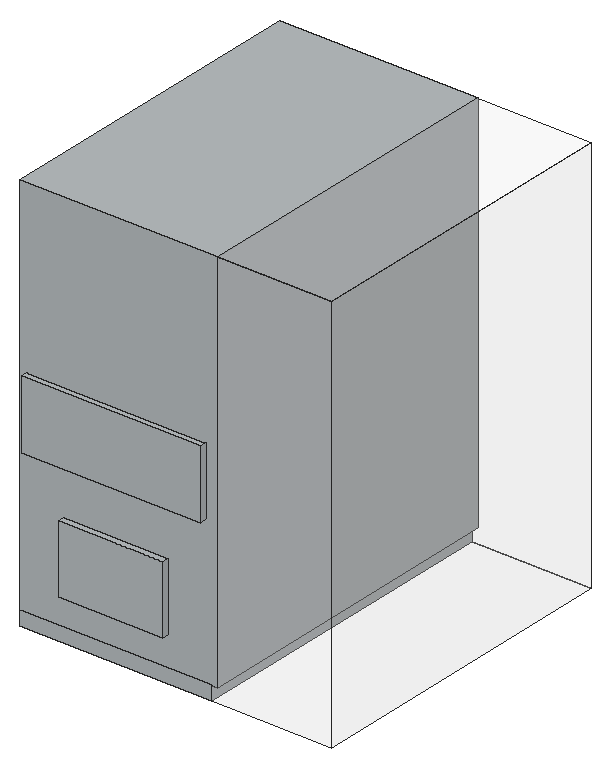
Revit family "lp-750x4-60_60Hz", category 機械設備, Revit 2019
Family settings
  丸型コネクタ寸法 = 直径を使用
  パーツ タイプ = 標準
  OmniClass 番号 = 23.75.10.34.21
  OmniClass タイトル = Heat Exchangers for Ventilation Air
  作業面ベース = いいえ
  常に垂直 = はい
  ロード時にボイドで切り取り = いいえ
  共有 = いいえ
  部屋計算ポイント = はい
Parameters (values of type "LP-750X4-60")
  騒音レベル(dB(A)) = 58.5
  風量 = 7500.0 m³/h
  面風速 = 7.75 m/s
  電源種別 [instance] = ""
  電圧 = 200 V
  電動機出力 = 3.7 W
  集中コントローラ = ""
  運転質量 = 0.00 kg
  連動 [instance] = ""
  質量 = if(製品質量 > 運転質量, 製品質量, 運転質量) * 1.2  # 1002.00 kg
  負荷分類 = 3_ファン類
  説明 = "設備用ロスナイ ビル用ロスナイパック形"
  設計風量 = 0.0 m³/h
  設置方法 = "床置形"
  記号 [instance] = ""
  製造元 = "三菱電機株式会社"
  製品質量 = 835.00 kg
  製品出荷対象 = "国内"
  製品リリース年月 = "2018/7/25"
  製品グループ = ""
  系統 [instance] = ""
  符号 = "HEU"
  積算_科目 = "1 空気調和設備"
  積算_拾い区分 [instance] = ""
  相 = 3
  盤記号 [instance] = ""
  発停方法 [instance] = ""
  特殊仕様 [instance] = ""
  火災停止 [instance] = ""
  温度交換効率 = 77.00%
  消費電力 = 7000 W
  法定耐用年数 = "15"
  機外静圧_排気 = 385.0 Pa
  機外静圧 = 385.0 Pa
  極数 = 3
  材質 [instance] = ""
  本体固定用穴ピッチ2 = 565 mm
  本体固定用穴ピッチ1 = 1930 mm
  本体固定用穴_径 = 20 mm
  本体マテリアル = 溶融亜鉛めっき鋼板
  操作・制御方式 = ""
  操作・制御スイッチ = ""
  排気量 = 0.0 m³/h
  形式 = "床置形"
  幹線記号 [instance] = ""
  対象室 [instance] = ""
  実風量 = 0.0 m³/h
  始動方式 [instance] = "直入"
  外気量 = 0.0 m³/h
  呼称 = "全熱交換ユニット"
  周波数 = 60 Hz
  参照している仕様書等のバージョン = ""
  初期抵抗 = 0.0 Pa
  分類コード = "50052504100050"
  分類グループ = ""
  価格 = 8091000
  企業コード = "108420"
  付属品_フィルター_還気 = ""
  付属品_フィルター = ""
  付属品 [instance] = ""
  仕様書バージョン = "Version1.0"
  モデル = "LP-750X4-60"
  メンテナンススペース = yes
  コメント [instance] = ""
  Keynote = ""
  エンタルピ交換効率_暖房 = 66.00%
  エンタルピ交換効率_冷房 = 60.00%
  Assembly Code = ""
  Width = 1218 mm
  W1 = 1180 mm
  Version = ""
  Uniclass2015Version = "Systems v1.9"
  Uniclass2015Title = "Thermal wheels"
  Uniclass2015Code = "Pr_60_60_36_88"
  URL = "https://www.mitsubishielectric.co.jp/ldg/wink/ssl/displayProduct.do?pid=294067"
  SpecificationReference = ""
  SpecificationDescription = ""
  SAサイズ_W = 640 mm
  SAサイズ_D = 420 mm
  Revision = ""
  RAダクト接続_通常 = yes
  RAダクト接続_変更3 = no
  RAダクト接続_変更2 = no
  RAダクト接続_変更1 = no
  RAサイズ_W = 1100 mm
  RAサイズ_D = 420 mm
  ProductInformation = ""
  OmniClassCode = "23-27 23 19 11"
  OAダクト接続_通常 = yes
  OAダクト接続_変更3 = no
  OAダクト接続_変更2 = no
  OAダクト接続_変更1 = no
  OAサイズ_W = 1100 mm
  OAサイズ_D = 420 mm
  MIN風量 = 0.0 m³/h
  MIN静圧 = 0.0 Pa
  MID風量 = 0.0 m³/h
  MID静圧 = 0.0 Pa
  MAX風量 = 7500.0 m³/h
  MAX静圧 = 385.0 Pa
  IfcTypeProduct = ""
  IfcProduct = ""
  IfcExportType = "ROTARYWHEEL"
  IfcExportAs = "IfcAirToAirHeatRecoveryType"
  Height = 2370 mm
  H1 = 90 mm
  EAサイズ_W = 640 mm
  EAサイズ_D = 420 mm
  Duct_SA_W = 273 mm
  Duct_SA_H = 274 mm
  Duct_RA_W = 43 mm
  Duct_RA_H = 296 mm
  Duct_RA_D = 49 mm
  Duct_Pitch1 = 80 mm
  Duct_OA_W = 43 mm
  Duct_OA_H = 296 mm
  Duct_OA_D = 49 mm
  Duct_Height = 41 mm
  Duct_EA_W = 273 mm
  Duct_EA_H = 274 mm
  Depth = 2000 mm
  D1 = 2000 mm
  Clearance Top = 0 mm
  Clearance Right = 700 mm
  Clearance Left = 0 mm
  Clearance Front = 0 mm
  Clearance Bottom = 0 mm
  Clearance Back = 0 mm
  Author = "三菱電機株式会社"
Reference planes
  plane 1 "中心(正面/背面)": y = 0
  plane 2: z = 0
  plane 3 "中心(左/右)": x = 0
  plane 4: x = 590
  plane 5: x = 628
  plane 6: y = 1000
  plane 7: y = 1000
  plane 8: y = -1000
  plane 9: y = -1000
  plane 10: x = -590
  plane 11: x = -590
  plane 12: y = 741
  plane 13: y = -741
  plane 14: y = -531
  plane 15: y = -951
  plane 16: y = 951
  plane 17: y = 531
  plane 18: x = -547
  plane 19: x = 553
  plane 20: z = 90
  plane 21: z = 2460
  plane 22: z = 2501
  plane 23: y = 565
  plane 24: y = -565
  plane 25: x = -965
  plane 26: x = 965
  plane 27: x = 1328
  plane 28: x = -590
  plane 29: y = 1000
  plane 30: y = -1000
  plane 31: z = 2460
  plane 32: z = 0
  plane 33: x = -317
  plane 34: x = 323
  plane 35: z = 274
  plane 36: z = 694
  plane 37: z = 990
  plane 38: z = 1410
  plane 39: x = -547
  plane 40: x = 553
  plane 41: y = -1041
  plane 42: y = 1041
  plane 43: x = -317
  plane 44: x = 323
  plane 45: z = 274
  plane 46: z = 694
  plane 47: z = 990
  plane 48: z = 1410
  plane 49: z = 1490
  plane 50: z = 1910
  plane 51: z = 1910
  plane 52: z = 1490
  plane 53: z = 1990
  plane 54: z = 1990
  plane 55: z = 2410
  plane 56: z = 2410
Forms (mm)
  Extrusion 1, solid, material "溶融亜鉛めっき鋼板" <- "本体マテリアル", detail levels fine
    sketch origin (0, 0, 0) x (1, 0, 0) y (0, 1, 0)
      loop
        line (-590, 1000) -> (-590, -1000) -> (628, -1000) -> (628, 1000) -> (-590, 1000)
    from 90 to 2460
  Extrusion 2, solid, material "溶融亜鉛めっき鋼板" <- "本体マテリアル", detail levels fine
    sketch origin (0, 0, 0) x (1, 0, 0) y (0, 1, 0)
      loop
        line (-590, 1000) -> (-590, -1000) -> (590, -1000) -> (590, 1000) -> (-590, 1000)
    from 0 to 90
  Extrusion 3, solid, material "溶融亜鉛めっき鋼板" <- "本体マテリアル", visible <- "RAダクト接続_変更1", detail levels fine
    sketch origin (0, 0, 0) x (1, 0, 0) y (0, 1, 0)
      loop
        line (-547, -951) -> (553, -951) -> (553, -531) -> (-547, -531) -> (-547, -951)
    from 2460 to 2501
  Extrusion 4, solid, material "溶融亜鉛めっき鋼板" <- "本体マテリアル", visible <- "OAダクト接続_変更1", detail levels fine
    sketch origin (0, 0, 0) x (1, 0, 0) y (0, 1, 0)
      loop
        line (-547, 951) -> (-547, 531) -> (553, 531) -> (553, 951) -> (-547, 951)
    from 2460 to 2501
  Extrusion 5, solid, material "溶融亜鉛めっき鋼板" <- "本体マテリアル", detail levels fine
    sketch origin (0, 0, 0) x (1, 0, 0) y (0, 0, 1)
      loop
        line (-317, 274) -> (323, 274) -> (323, 694) -> (-317, 694) -> (-317, 274)
    from 1000 to 1041
  Extrusion 6, solid, material "溶融亜鉛めっき鋼板" <- "本体マテリアル", detail levels fine
    sketch origin (0, 0, 0) x (1, 0, 0) y (0, 0, 1)
      loop
        line (323, 694) -> (-317, 694) -> (-317, 274) -> (323, 274) -> (323, 694)
    from -1041 to -1000
  Extrusion 7, solid, material "溶融亜鉛めっき鋼板" <- "本体マテリアル", visible <- "OAダクト接続_通常", detail levels fine
    sketch origin (0, -420, 0) x (1, 0, 0) y (0, 0, 1)
      loop
        line (-547, 990) -> (553, 990) -> (553, 1410) -> (-547, 1410) -> (-547, 990)
    from -1461 to -1420
  Extrusion 8, solid, material "溶融亜鉛めっき鋼板" <- "本体マテリアル", visible <- "RAダクト接続_通常", detail levels fine
    sketch origin (0, 240, 0) x (1, 0, 0) y (0, 0, 1)
      loop
        line (-547, 1410) -> (-547, 990) -> (553, 990) -> (553, 1410) -> (-547, 1410)
    from 1240 to 1281
  Extrusion 9, solid, material "溶融亜鉛めっき鋼板" <- "本体マテリアル", visible <- "OAダクト接続_変更3", detail levels fine
    sketch origin (0, 0, 0) x (1, 0, 0) y (0, 0, 1)
      loop
        line (553, 1490) -> (553, 1910) -> (-547, 1910) -> (-547, 1490) -> (553, 1490)
    from -1041 to -1000
  Extrusion 10, solid, material "溶融亜鉛めっき鋼板" <- "本体マテリアル", visible <- "RAダクト接続_変更3", detail levels fine
    sketch origin (0, 0, 0) x (1, 0, 0) y (0, 0, 1)
      loop
        line (553, 1490) -> (553, 1910) -> (-547, 1910) -> (-547, 1490) -> (553, 1490)
    from 1000 to 1041
  Extrusion 11, solid, material "溶融亜鉛めっき鋼板" <- "本体マテリアル", visible <- "RAダクト接続_変更2"
    sketch origin (0, 0, 0) x (1, 0, 0) y (0, 0, 1)
      loop
        line (-547, 1990) -> (553, 1990) -> (553, 2410) -> (-547, 2410) -> (-547, 1990)
    from 1000 to 1041
  Extrusion 12, solid, material "溶融亜鉛めっき鋼板" <- "本体マテリアル", visible <- "OAダクト接続_変更2"
    sketch origin (0, 0, 0) x (1, 0, 0) y (0, 0, 1)
      loop
        line (-547, 1990) -> (553, 1990) -> (553, 2410) -> (-547, 2410) -> (-547, 1990)
    from -1041 to -1000
Lines and regions (mm)
  Masking region 1, detail levels coarse+medium
    outline origin (1331.5, 88, 0) x (1, 0, 0) y (0, 1, 0)
      loop
        line (-1921.5, 912) -> (-1921.5, -1088) -> (-741.5, -1088) -> (-741.5, 912) -> (-1921.5, 912)
  symbolic lines, detail levels coarse+medium
    curve 1: line (0, 1000, 0) -> (-590, 0, 0)
    curve 2: line (-590, 0, 0) -> (0, -1000, 0)
    curve 3: line (0, -1000, 0) -> (590, 0, 0)
    curve 4: line (0, 1000, 0) -> (590, 0, 0)
Dimensions and locks
  equal spacing: plane 10, plane 3 "中心(左/右)", plane 4
  "W1": plane 10 to plane 4
  "Width": plane 11 to plane 5
  equal spacing: plane 7, plane 1 "中心(正面/背面)", plane 9
  "D1": plane 7 to plane 9
  equal spacing: plane 6, plane 1 "中心(正面/背面)", plane 8
  "Depth": plane 6 to plane 8
  equal spacing: plane 15, plane 13, plane 14
  "RAサイズ_D": plane 15 to plane 14
  equal spacing: plane 17, plane 12, plane 16
  "OAサイズ_D": plane 17 to plane 16
  "RAサイズ_W": plane 18 to plane 19
  locked: plane 11 to plane 10 at 0
  "H1": plane 20 to level
  "Height": plane 21 to plane 20
  "Duct_Height": plane 22 to plane 21
  "本体固定用穴ピッチ2": plane 1 "中心(正面/背面)" to plane 23
  "本体固定用穴ピッチ2": plane 24 to plane 1 "中心(正面/背面)"
  equal spacing: plane 25, plane 3 "中心(左/右)", plane 26
  "本体固定用穴ピッチ1": plane 25 to plane 26
  "Clearance Right": plane 5 to plane 27
  "Clearance Left": plane 28 to plane 11
  "Clearance Back": plane 29 to plane 6
  "Clearance Front": plane 8 to plane 30
  "Clearance Top": plane 31 to plane 21
  "Clearance Bottom": level to plane 32
  "Duct_RA_D": plane 8 to plane 15
  "Duct_OA_D": plane 6 to plane 16
  "Duct_SA_H": plane 35 to level
  "SAサイズ_D": plane 36 to plane 35
  "Duct_RA_H": plane 37 to plane 36
  "RAサイズ_D": plane 38 to plane 37
  "OAサイズ_W": plane 39 to plane 40
  "Duct_OA_W": plane 11 to plane 39
  "Duct_RA_W": plane 11 to plane 18
  "Duct_Height": plane 8 to plane 41
  "SAサイズ_W": plane 34 to plane 33
  "Duct_Height": plane 42 to plane 6
  "Duct_SA_W": plane 33 to plane 11
  "EAサイズ_D": plane 46 to plane 45
  "Duct_EA_H": plane 45 to level
  "Duct_EA_W": plane 43 to plane 11
  "EAサイズ_W": plane 44 to plane 43
  "OAサイズ_D": plane 48 to plane 47
  "Duct_OA_H": plane 47 to plane 46
  "Duct_Pitch1": plane 49 to plane 38
  "RAサイズ_D": plane 50 to plane 49
  "Duct_Pitch1": plane 52 to plane 48
  "OAサイズ_D": plane 51 to plane 52
  "Duct_Pitch1": plane 53 to plane 50
  "RAサイズ_D": plane 55 to plane 53
  "Duct_Pitch1": plane 54 to plane 51
  "OAサイズ_D": plane 56 to plane 54
  aligned and locked: level to plane 2
  aligned and locked: Extrusion 1 sketch curve to plane 6
  aligned and locked: plane 10 to Extrusion 1 sketch curve
  aligned and locked: Extrusion 1 sketch curve to plane 8
  aligned and locked: Extrusion 2 sketch curve to plane 7
  aligned and locked: plane 11 to Extrusion 2 sketch curve
  aligned and locked: Extrusion 2 sketch curve to plane 9
  aligned and locked: plane 15 to Extrusion 3 sketch curve
  aligned and locked: Extrusion 3 sketch curve to plane 18
  aligned and locked: plane 14 to Extrusion 3 sketch curve
  aligned and locked: Extrusion 3 sketch curve to plane 19
  aligned and locked: plane 9 to Masking region 1
  aligned and locked: Masking region 1 to plane 11
  aligned and locked: plane 7 to Masking region 1
  aligned and locked: Masking region 1 to curve 1
  aligned and locked: Masking region 1 to curve 2
  aligned and locked: plane 20 to Extrusion 2
  aligned and locked: plane 21 to Extrusion 1
  aligned and locked: Extrusion 1 to plane 20
  aligned and locked: plane 22 to Extrusion 3
  aligned and locked: Extrusion 3 to plane 21
  aligned and locked: plane 27 to nested 1
  aligned and locked: nested 1 to plane 30
  aligned and locked: nested 1 to plane 29
  aligned and locked: nested 1 to plane 31
  aligned and locked: nested 1 to plane 32
  aligned and locked: plane 9 to curve 2
  aligned and locked: plane 3 "中心(左/右)" to curve 3
  aligned and locked: plane 4 to curve 3
  aligned and locked: plane 3 "中心(左/右)" to curve 4
  aligned and locked: plane 1 "中心(正面/背面)" to curve 4
  aligned and locked: nested 2 to plane 24
  aligned and locked: plane 25 to nested 2
  aligned and locked: nested 2 to plane 26
  aligned and locked: plane 25 to nested 3
  aligned and locked: nested 3 to plane 26
  aligned and locked: plane 1 "中心(正面/背面)" to nested 3
  aligned and locked: plane 25 to nested 4
  aligned and locked: nested 4 to plane 26
  aligned and locked: nested 4 to plane 23
  aligned and locked: nested 1 to plane 28
  aligned and locked: Masking region 1 to plane 4
  aligned and locked: plane 4 to Extrusion 2 sketch curve
  aligned and locked: plane 5 to Extrusion 1 sketch curve
  aligned and locked: Extrusion 4 sketch curve to plane 16
  aligned and locked: plane 18 to Extrusion 4 sketch curve
  aligned and locked: Extrusion 4 sketch curve to plane 17
  aligned and locked: plane 22 to Extrusion 4
  aligned and locked: Extrusion 4 to plane 21
  aligned and locked: Extrusion 5 sketch curve to plane 35
  aligned and locked: Extrusion 5 sketch curve to plane 33
  aligned and locked: plane 36 to Extrusion 5 sketch curve
  aligned and locked: Extrusion 5 sketch curve to plane 34
  aligned and locked: Extrusion 5 to plane 41
  aligned and locked: Extrusion 5 to plane 8
  aligned and locked: Extrusion 6 to plane 42
  aligned and locked: Extrusion 6 to plane 6
  aligned and locked: Extrusion 7 to plane 42
  aligned and locked: Extrusion 7 to plane 6
  aligned and locked: Extrusion 8 sketch curve to plane 38
  aligned and locked: plane 18 to Extrusion 8 sketch curve
  aligned and locked: Extrusion 8 sketch curve to plane 37
  aligned and locked: plane 19 to Extrusion 8 sketch curve
  aligned and locked: Extrusion 8 to plane 41
  aligned and locked: Extrusion 8 to plane 8
  aligned and locked: plane 46 to Extrusion 6 sketch curve
  aligned and locked: plane 44 to Extrusion 6 sketch curve
  aligned and locked: Extrusion 6 sketch curve to plane 45
  aligned and locked: Extrusion 6 sketch curve to plane 43
  aligned and locked: Extrusion 7 sketch curve to plane 47
  aligned and locked: Extrusion 7 sketch curve to plane 18
  aligned and locked: plane 48 to Extrusion 7 sketch curve
  aligned and locked: plane 40 to Extrusion 4 sketch curve
  aligned and locked: Extrusion 7 sketch curve to plane 40
  aligned and locked: plane 52 to Extrusion 9 sketch curve
  aligned and locked: plane 40 to Extrusion 9 sketch curve
  aligned and locked: Extrusion 9 sketch curve to plane 51
  aligned and locked: Extrusion 9 to plane 42
  aligned and locked: Extrusion 9 to plane 6
  aligned and locked: Extrusion 10 sketch curve to plane 49
  aligned and locked: plane 19 to Extrusion 10 sketch curve
  aligned and locked: Extrusion 10 sketch curve to plane 50
  aligned and locked: plane 18 to Extrusion 10 sketch curve
  aligned and locked: plane 39 to Extrusion 9 sketch curve
  aligned and locked: Extrusion 10 to plane 41
  aligned and locked: Extrusion 10 to plane 8
  aligned and locked: Extrusion 11 sketch curve to plane 18
  aligned and locked: Extrusion 11 sketch curve to plane 19
  aligned and locked: Extrusion 11 sketch curve to plane 53
  aligned and locked: plane 55 to Extrusion 11 sketch curve
  aligned and locked: Extrusion 12 sketch curve to plane 54
  aligned and locked: Extrusion 12 sketch curve to plane 39
  aligned and locked: plane 56 to Extrusion 12 sketch curve
  aligned and locked: Extrusion 12 sketch curve to plane 40
  aligned and locked: Extrusion 12 to plane 42
  aligned and locked: Extrusion 12 to plane 6
  aligned and locked: Extrusion 11 to plane 41
  aligned and locked: Extrusion 11 to plane 8
Automatic sketch dimensions
  plane 1 "中心(正面/背面)" to curve 1 = 0 mm
  curve 1 to plane 10 = 0 mm
  curve 4 to plane 7 = 0 mm
  plane 9 to Masking region 1 sketch curve = 0 mm
  Masking region 1 sketch curve to plane 10 = 0 mm
  Masking region 1 sketch curve to plane 4 = 0 mm
  Masking region 1 sketch curve to plane 7 = 0 mm
Nested families
  nested 1: "メンテナンススペース" at (369, 0, 1230), visible <- "メンテナンススペース", type "メンテナンススペース"
    with Width 1918 mm, Height 2460 mm, Depth 2000 mm
  nested 2: "固定点" at (-965, -565, 0), type "固定点"
    with W 1930 mm, D 1000 mm
  nested 3: "固定点" at (-965, 0, 0), type "固定点"
    with W 1930 mm, D 1000 mm
  nested 4: "固定点" at (-965, 565, 0), type "固定点"
    with W 1930 mm, D 1000 mm
Connectors
  electrical at (628, 0, 1275), driven by "極数", driven by "負荷分類", driven by "電圧", driven by "消費電力"
    settings: on Extrusion 1, index 5, voltage 200 V, apparent load 7000 VA, apparent load phase1 0 VA, apparent load phase2 0 VA, apparent load phase3 0 VA, power factor 1, load classification "3_ファン類", number of poles 3, system type 30, power factor state 1, is connector primary yes, connector utility no, sub classification motor no, connector description ""
  hvac at (3, -1041, 484), driven by "SAサイズ_D", driven by "SAサイズ_W", driven by "機外静圧", driven by "風量"
    settings: on Extrusion 5, index 6, duct flow 7500.0 m³/h, flow factor 0, pres drop 385.0 Pa, loss coef 0, conn angle 0.00°, conn width 640 mm, conn height 420 mm, conn diameter 609.6 mm, duct sys type 1, conn prof type 1, flow config 0, flow direction 2, loss method 4, conn ref index -1, conn util no, is conn primary yes, conn desc ""
  hvac at (3, -1041, 1200), driven by "RAサイズ_D", driven by "RAサイズ_W", driven by "機外静圧", driven by "風量"
    settings: on Extrusion 8, index 8, duct flow 7500.0 m³/h, flow factor 0, pres drop 385.0 Pa, loss coef 0, conn angle 0.00°, conn width 1100 mm, conn height 420 mm, conn diameter 609.6 mm, duct sys type 2, conn prof type 1, flow config 0, flow direction 1, loss method 4, conn ref index -1, conn util no, is conn primary no, conn desc ""
  hvac at (3, -741, 2501), driven by "RAサイズ_D", driven by "RAサイズ_W"
    settings: on Extrusion 3, index 9, duct flow 0.0 m³/h, flow factor 0, pres drop 0.0 Pa, loss coef 0, conn angle 0.00°, conn width 1100 mm, conn height 420 mm, conn diameter 609.6 mm, duct sys type 2, conn prof type 1, flow config 0, flow direction 1, loss method 4, conn ref index -1, conn util no, is conn primary no, conn desc ""
  hvac at (3, 741, 2501), driven by "OAサイズ_D", driven by "OAサイズ_W", driven by "機外静圧", driven by "風量"
    settings: on Extrusion 4, index 10, duct flow 7500.0 m³/h, flow factor 0, pres drop 385.0 Pa, loss coef 0, conn angle 0.00°, conn width 1100 mm, conn height 420 mm, conn diameter 609.6 mm, duct sys type 4, conn prof type 1, flow config 0, flow direction 1, loss method 4, conn ref index -1, conn util no, is conn primary no, conn desc ""
  hvac at (3, 1041, 1200), driven by "OAサイズ_D", driven by "OAサイズ_W", driven by "機外静圧", driven by "風量"
    settings: on Extrusion 7, index 11, duct flow 7500.0 m³/h, flow factor 0, pres drop 385.0 Pa, loss coef 0, conn angle 0.00°, conn width 1100 mm, conn height 420 mm, conn diameter 609.6 mm, duct sys type 4, conn prof type 1, flow config 0, flow direction 1, loss method 4, conn ref index -1, conn util no, is conn primary no, conn desc ""
  hvac at (3, 1041, 484), driven by "EAサイズ_D", driven by "EAサイズ_W", driven by "機外静圧_排気", driven by "排気量"
    settings: on Extrusion 6, index 12, duct flow 0.0 m³/h, flow factor 0, pres drop 385.0 Pa, loss coef 0, conn angle 0.00°, conn width 640 mm, conn height 420 mm, conn diameter 609.6 mm, duct sys type 3, conn prof type 1, flow config 0, flow direction 2, loss method 4, conn ref index -1, conn util no, is conn primary no, conn desc ""
  hvac at (3, -1041, 1700), driven by "RAサイズ_D", driven by "RAサイズ_W", driven by "機外静圧", driven by "風量"
    settings: on Extrusion 10, index 13, duct flow 7500.0 m³/h, flow factor 0, pres drop 385.0 Pa, loss coef 0, conn angle 0.00°, conn width 1100 mm, conn height 420 mm, conn diameter 609.6 mm, duct sys type 2, conn prof type 1, flow config 0, flow direction 1, loss method 4, conn ref index -1, conn util no, is conn primary no, conn desc ""
  hvac at (3, 1041, 1700), driven by "OAサイズ_D", driven by "OAサイズ_W", driven by "機外静圧", driven by "風量"
    settings: on Extrusion 9, index 14, duct flow 7500.0 m³/h, flow factor 0, pres drop 385.0 Pa, loss coef 0, conn angle 0.00°, conn width 1100 mm, conn height 420 mm, conn diameter 609.6 mm, duct sys type 4, conn prof type 1, flow config 0, flow direction 1, loss method 4, conn ref index -1, conn util no, is conn primary no, conn desc ""
  hvac at (3, -1041, 2200), driven by "RAサイズ_D", driven by "RAサイズ_W", driven by "機外静圧", driven by "風量"
    settings: on Extrusion 11, index 16, duct flow 7500.0 m³/h, flow factor 0, pres drop 385.0 Pa, loss coef 0, conn angle 0.00°, conn width 1100 mm, conn height 420 mm, conn diameter 609.6 mm, duct sys type 2, conn prof type 1, flow config 0, flow direction 1, loss method 4, conn ref index -1, conn util no, is conn primary no, conn desc ""
  hvac at (3, 1041, 2200), driven by "OAサイズ_D", driven by "OAサイズ_W", driven by "機外静圧", driven by "風量"
    settings: on Extrusion 12, index 18, duct flow 7500.0 m³/h, flow factor 0, pres drop 385.0 Pa, loss coef 0, conn angle 0.00°, conn width 1100 mm, conn height 420 mm, conn diameter 609.6 mm, duct sys type 4, conn prof type 1, flow config 0, flow direction 1, loss method 4, conn ref index -1, conn util no, is conn primary no, conn desc ""
Definition of nested family "メンテナンススペース"
  Parameters (values of type "メンテナンススペース")
    Width [instance] = 500 mm
    Height [instance] = 500 mm
    Depth [instance] = 500 mm
  Reference planes
    plane 1 "中心(正面/背面)": y = 0
    plane 2: z = 0
    plane 3 "中心(左/右)": x = 0
    plane 4: y = -250
    plane 5: x = 250
    plane 6: y = 250
    plane 7: x = -250
    plane 8: z = 250
    plane 9: z = -250
  Forms (mm)
    Extrusion 1, solid
      sketch origin (-638.939, 0, 72.39) x (1, 0, 0) y (0, 1, 0)
        loop
          line (388.939, 250) -> (388.939, -250) -> (888.939, -250) -> (888.939, 250) -> (388.939, 250)
      from -322.39 to 177.61
  Lines and regions (mm)
    symbolic lines
      curve 1: line (-250, 0, 250) -> (250, 0, 250)
      curve 2: line (-250, 0, -250) -> (-250, 0, 250)
      curve 3: line (250, 0, -250) -> (-250, 0, -250)
      curve 4: line (250, 0, 250) -> (250, 0, -250)
      curve 5: line (0, -250, 250) -> (0, 250, 250)
      curve 6: line (0, -250, -250) -> (0, -250, 250)
      curve 7: line (0, 250, -250) -> (0, -250, -250)
      curve 8: line (0, 250, 250) -> (0, 250, -250)
      curve 9: line (-250, 250, 0) -> (250, 250, 0)
      curve 10: line (-250, -250, 0) -> (-250, 250, 0)
      curve 11: line (250, -250, 0) -> (-250, -250, 0)
      curve 12: line (250, 250, 0) -> (250, -250, 0)
  Dimensions and locks
    equal spacing: plane 7, plane 3 "中心(左/右)", plane 5
    equal spacing: plane 4, plane 1 "中心(正面/背面)", plane 6
    "Depth": plane 4 to plane 6
    "Width": plane 7 to plane 5
    equal spacing: plane 8, plane 2, plane 9
    "Height": plane 8 to plane 9
    aligned and locked: plane 9 to curve 3
    aligned and locked: plane 7 to curve 2
    aligned and locked: curve 4 to plane 5
    aligned and locked: plane 5 to Extrusion 1
    aligned and locked: Extrusion 1 to plane 7
    aligned and locked: Extrusion 1 to plane 9
    aligned and locked: plane 8 to Extrusion 1
    aligned and locked: plane 9 to curve 7
  Automatic sketch dimensions
    plane 4 to Extrusion 1 sketch curve = 0 mm
    Extrusion 1 sketch curve to plane 7 = 0 mm
    Extrusion 1 sketch curve to plane 5 = 0 mm
    plane 6 to Extrusion 1 sketch curve = 0 mm
    curve 2 to plane 8 = 0 mm
    plane 4 to curve 11 = 0 mm
    curve 11 to plane 7 = 0 mm
    curve 11 to plane 5 = 0 mm
    plane 6 to curve 10 = 0 mm
    curve 7 to plane 4 = 0 mm
    curve 7 to plane 6 = 0 mm
    curve 6 to plane 8 = 0 mm
Definition of nested family "固定点"
  Parameters (values of type "固定点")
    中心円 = 20 mm
    W [instance] = 1000 mm
    D [instance] = 1000 mm
  Reference planes
    plane 1 "中心(正面/背面)": y = 0
    plane 2: z = 0
    plane 3 "中心(左/右)": x = 0
    plane 4: x = 1000
  Lines and regions (mm)
    symbolic lines, detail levels fine
      curve 1: circle (0, 0, 0) r 10 normal (0, 0, 1)
      curve 2: circle (1000, 0, 0) r 10 normal (0, 0, 1)
      curve 3: line (-200, 0, 0) -> (1200, 0, 0)
      curve 4: line (0, 200, 0) -> (0, -200, 0)
      curve 5: line (1000, 200, 0) -> (1000, -200, 0)
  Dimensions and locks
    "W": plane 3 "中心(左/右)" to plane 4
    "中心円": diameter of curve 1
    "中心円": diameter of curve 2
    aligned and locked: level to plane 2
    aligned and locked: plane 3 "中心(左/右)" to curve 1
    aligned and locked: plane 1 "中心(正面/背面)" to curve 1
    aligned and locked: plane 1 "中心(正面/背面)" to curve 2
    aligned and locked: plane 4 to curve 2
    aligned and locked: plane 1 "中心(正面/背面)" to curve 3
    aligned and locked: curve 4 to plane 3 "中心(左/右)"
    aligned and locked: curve 5 to plane 4
  Automatic sketch dimensions
    curve 3 to plane 3 "中心(左/右)" = 200 mm
    curve 2 to curve 3 = 200 mm
    plane 1 "中心(正面/背面)" to curve 4 = 200 mm
    plane 1 "中心(正面/背面)" to curve 5 = 200 mm
    curve 5 to plane 1 "中心(正面/背面)" = 200 mm
    curve 4 to plane 1 "中心(正面/背面)" = 200 mm
